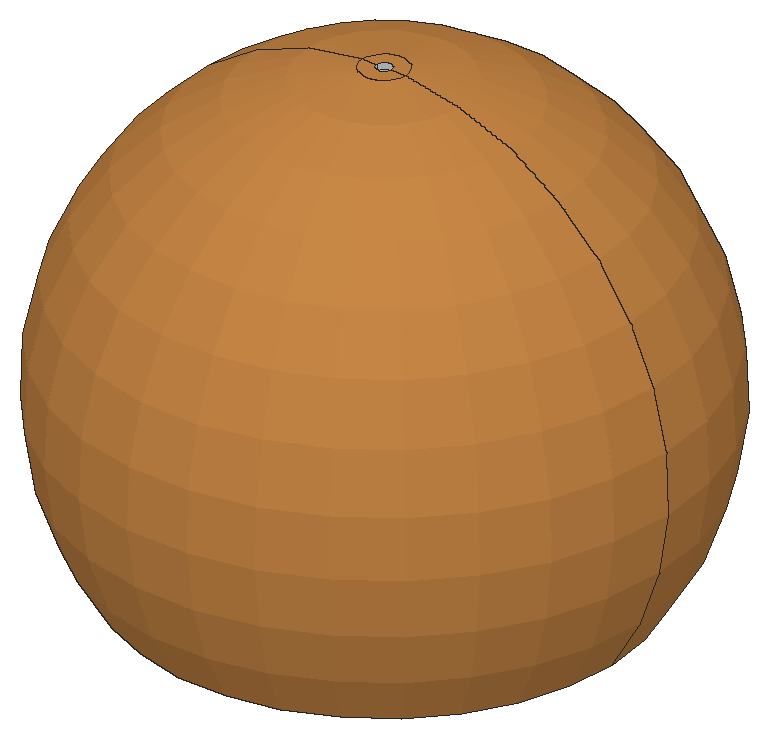
Revit family "TD10 SHADE", category Lighting Fixtures, Revit 2024
Family settings
  Round Connector Dimension = Use Diameter
  Part Type = Normal
  OmniClass Number = 23.80.70.00
  OmniClass Title = Lighting
  Work Plane-Based = No
  Always vertical = Yes
  Cut with Voids When Loaded = No
  Light Source = Yes
  Maintain Annotation Orientation = No
  Shared = No
  Room Calculation Point = No
Parameters
  Wattage = 12.1178 W
  built-in parameter 1150110 = 1 (stored number, unit not read)
  built-in parameter 1114217 = 1 (stored number, unit not read)
  built-in parameter 1150109 = 1 (stored number, unit not read)
  built-in parameter 1150134 = (empty or 0)
  built-in parameter 1150113 = 1 (stored number, unit not read)
  Lumens = 1800 lm
  built-in parameter 1150115 = 1 (stored number, unit not read)
  built-in parameter 1150105 = 572.96 (stored number, unit not read)
  Light Source Symbol Size = 2' - 0"
  built-in parameter 1150137 = (empty or 0)
  built-in parameter 1150139 = (empty or 0)
  built-in parameter 1150112 = 1 (stored number, unit not read)
  built-in parameter 1150114 = 1 (stored number, unit not read)
  built-in parameter 1150132 = 2
  built-in parameter 1150102 = (empty or 0)
  built-in parameter 1150138 = (empty or 0)
  built-in parameter 1150107 = 3000 (stored number, unit not read)
  built-in parameter 1150106 = 5.7296 (stored number, unit not read)
  built-in parameter 1150104 = 13.8 (stored number, unit not read)
  Dimming Lamp Color Temperature Shift = (empty or 0)
  Default Elevation = 0' - 0"
  Color Filter = 16777215
  built-in parameter 1114218 = 1 (stored number, unit not read)
  built-in parameter 1150133 = 10 (stored number, unit not read)
Reference planes (in)
  plane 1 "Light Source Axis (F/B)": y = 0
  plane 2: z = 0
  plane 3 "Light Source Axis (L/R)": x = 0
  plane 4 "Light Source Elevation": z = 84
Forms (in)
  Revolve 1, solid
    sketch origin (0, 0, 0) x (1, 0, 0) y (0, 0, 1)
      loop
        arc (-0.375, 91.98592) -> (-4.5529, 89.06667) -> (-4, 84) r 5
        line (-4, 84) -> (-3.88218, 84)
        arc (-3.88218, 84) -> (-4.48274, 88.99408) -> (-0.37146, 91.89217) r 4.90625
        line (-0.37146, 91.89217) -> (-0.125, 91.89217) -> (-0.125, 91.98592) -> (-0.375, 91.98592)
      axis (0, 84) -> (0, 91.98592)
    angle from 0 to 360
Dimensions and locks (in)
  plane 4 "Light Source Elevation" to plane 2 = 7' - 0"
  aligned and locked: plane 3 "Light Source Axis (L/R)" to imposter light
  aligned and locked: plane 1 "Light Source Axis (F/B)" to imposter light
  aligned and locked: plane 4 "Light Source Elevation" to imposter light
  aligned and locked: level to plane 2
